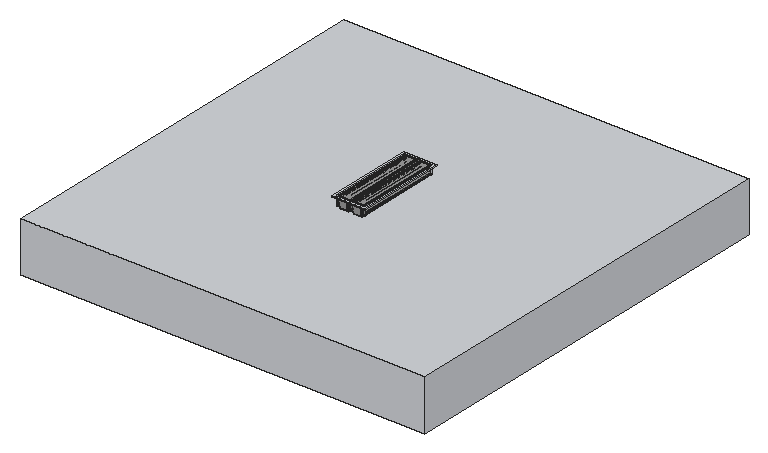
Revit family "L-industry NEW 48 АЗС", category Осветительные приборы, Revit 2017 (continued)
Types (2, lengths in mm): name | built-in parameter 1150134 | Файл фотометрической сетки | built-in parameter 1150142 | built-in parameter 1150107 | Артикул
  L-industry NEW 48 АЗС 4.0K Г60 | 12 | "L-industry NEW AZS 48-46-G60-4.0K-01.ies" | "IESNA:LM-63-1995\r\n[TEST]LEDEL\r\n[DATA]27.11.2018\r\n[MANUFAC]LEDEL\r\n[LUMCAT]L-industry NEW АЗС 48/46/Г60/4.0K/01\r\n[LUMINAIRE]Для освещения  промышленных объектов, складов, рекламных щитов, вывесок, декоративной подсветки  \r\n[MORE]\r\n[LAMPCAT]LED \r\n[LAMP]OSRAM OSLON \r\nTILT=NONE\r\n\r\n1 6127 3.7612031921424 37 19 1 2 0.564 0.22 0.109\r\n\r\n1 1 46\r\n\r\n0 2.5 5 7.5 10 12.5 15 17.5 20 22.5 25 27.5 30 32.5 35 37.5 40 42.5 45 47.5\r\n 50 52.5 55 57.5 60 62.5 65 67.5 70 72.5 75 77.5 80 82.5 85 87.5 90\r\n\r\n  0 5 10 15 20 25 30 35 40 45 50 55 60 65 70 75\r\n  80 85 90\r\n\r\n  1955 1942 1893 1816 1739 1659 1569 1473 1364 1237 1101 947 788 636 502\r\n  383 290 222 174 136 110 87 69 58 46 38 31 23 20 14\r\n  11 6 1 2 1 1 1\r\n  1954 1939 1889 1813 1734 1651 1563 1461 1347 1225 1085 931 770 620 483\r\n  368 280 216 168 135 109 88 72 60 50 39 33 25 20 15\r\n  11 6 3 2 1 1 1\r\n  1955 1936 1881 1808 1731 1653 1561 1457 1345 1224 1084 931 776 623 488\r\n  370 281 216 169 135 109 87 71 59 47 39 33 26 20 15\r\n  11 6 3 1 1 1 1\r\n  1953 1940 1890 1822 1751 1671 1574 1464 1345 1220 1082 927 773 628 491\r\n  378 288 220 168 131 104 84 69 58 47 37 31 25 20 15\r\n  11 6 3 2 1 1 1\r\n  1955 1940 1891 1825 1760 1686 1590 1478 1356 1230 1089 938 784 638 502\r\n  387 296 226 173 134 107 87 69 59 47 41 31 25 20 15\r\n  12 9 5 2 1 1 1\r\n  1955 1931 1881 1817 1755 1684 1583 1469 1338 1196 1045 892 743 605 480\r\n  372 288 222 173 136 110 88 72 59 49 39 33 27 21 15\r\n  11 9 5 3 1 2 1\r\n  1953 1931 1882 1818 1759 1687 1586 1465 1331 1185 1030 876 730 597 473\r\n  364 278 214 166 133 108 88 71 58 47 38 31 25 19 15\r\n  11 7 5 3 2 1 1\r\n  1954 1935 1890 1829 1769 1695 1593 1473 1336 1191 1032 869 718 580 454\r\n  347 268 208 162 129 107 87 69 59 47 39 33 26 20 14\r\n  11 6 5 2 2 1 1\r\n  1952 1928 1881 1822 1762 1683 1578 1455 1320 1176 1018 851 693 551 429\r\n  331 255 197 157 128 103 85 69 58 47 41 31 26 20 15\r\n  12 9 5 2 1 2 1\r\n  1952 1923 1871 1812 1755 1671 1560 1436 1309 1169 1017 855 702 564 440\r\n  336 258 198 157 126 102 83 68 58 45 37 31 27 20 15\r\n  11 9 5 3 2 2 1\r\n  1952 1936 1870 1781 1693 1613 1523 1409 1288 1163 1029 886 742 607 485\r\n  375 290 224 176 140 115 95 78 67 56 47 42 32 27 21\r\n  18 12 8 5 3 3 2\r\n  1954 1929 1860 1770 1684 1604 1514 1403 1282 1162 1027 885 743 609 485\r\n  375 288 226 177 141 116 95 79 67 55 45 39 34 24 20\r\n  15 12 8 5 3 3 3\r\n  1953 1932 1867 1777 1689 1606 1519 1412 1291 1169 1039 902 759 620 497\r\n  388 299 231 181 143 117 96 78 66 54 45 37 30 25 20\r\n  14 12 8 5 3 2 2\r\n  1955 1932 1868 1779 1693 1613 1522 1417 1298 1176 1044 902 759 624 499\r\n  387 298 230 179 142 116 95 77 64 53 46 37 30 25 21\r\n  15 11 9 5 3 2 1\r\n  1955 1925 1857 1769 1684 1602 1505 1398 1279 1155 1020 870 720 580 457\r\n  351 272 214 167 134 109 89 75 62 52 43 36 29 25 19\r\n  14 12 8 5 3 3 2\r\n  1953 1923 1856 1767 1685 1603 1509 1400 1285 1167 1034 884 733 593 465\r\n  359 277 215 168 134 109 89 75 62 53 44 37 30 25 18\r\n  14 11 8 3 3 2 3\r\n  1955 1931 1868 1783 1698 1613 1515 1404 1286 1163 1022 871 720 584 460\r\n  355 274 213 166 133 108 89 72 62 53 43 36 29 24 20\r\n  14 11 6 3 3 2 3\r\n  1954 1924 1855 1773 1689 1603 1508 1402 1288 1164 1027 877 726 585 461\r\n  354 272 210 164 130 108 88 72 61 49 41 35 28 22 18\r\n  13 9 4 2 3 2 2\r\n  1955 1925 1865 1786 1706 1622 1524 1414 1298 1171 1030 875 722 583 458\r\n  353 273 211 165 133 108 87 72 61 51 42 34 28 22 19\r\n  14 11 5 3 3 2 2\r\n\r" | 4000 (stored number, unit not read) | "512305406741400"
  L-industry NEW 48 АЗС 5.0K Г60 | 2 | "L-industry NEW AZS 48-46-G60-5.0K-01.ies" | "IESNA:LM-63-1995\r\n[TEST]LEDEL\r\n[DATA]27.11.2018\r\n[MANUFAC]LEDEL\r\n[LUMCAT]L-industry NEW АЗС 48/46/Г60/5.0K/01\r\n[LUMINAIRE]Для освещения  промышленных объектов, складов, рекламных щитов, вывесок, декоративной подсветки  \r\n[MORE]\r\n[LAMPCAT]LED \r\n[LAMP]OSRAM OSLON \r\nTILT=NONE\r\n\r\n1 6127 3.7612031921424 37 19 1 2 0.564 0.22 0.109\r\n\r\n1 1 46\r\n\r\n0 2.5 5 7.5 10 12.5 15 17.5 20 22.5 25 27.5 30 32.5 35 37.5 40 42.5 45 47.5\r\n 50 52.5 55 57.5 60 62.5 65 67.5 70 72.5 75 77.5 80 82.5 85 87.5 90\r\n\r\n  0 5 10 15 20 25 30 35 40 45 50 55 60 65 70 75\r\n  80 85 90\r\n\r\n  1955 1942 1893 1816 1739 1659 1569 1473 1364 1237 1101 947 788 636 502\r\n  383 290 222 174 136 110 87 69 58 46 38 31 23 20 14\r\n  11 6 1 2 1 1 1\r\n  1954 1939 1889 1813 1734 1651 1563 1461 1347 1225 1085 931 770 620 483\r\n  368 280 216 168 135 109 88 72 60 50 39 33 25 20 15\r\n  11 6 3 2 1 1 1\r\n  1955 1936 1881 1808 1731 1653 1561 1457 1345 1224 1084 931 776 623 488\r\n  370 281 216 169 135 109 87 71 59 47 39 33 26 20 15\r\n  11 6 3 1 1 1 1\r\n  1953 1940 1890 1822 1751 1671 1574 1464 1345 1220 1082 927 773 628 491\r\n  378 288 220 168 131 104 84 69 58 47 37 31 25 20 15\r\n  11 6 3 2 1 1 1\r\n  1955 1940 1891 1825 1760 1686 1590 1478 1356 1230 1089 938 784 638 502\r\n  387 296 226 173 134 107 87 69 59 47 41 31 25 20 15\r\n  12 9 5 2 1 1 1\r\n  1955 1931 1881 1817 1755 1684 1583 1469 1338 1196 1045 892 743 605 480\r\n  372 288 222 173 136 110 88 72 59 49 39 33 27 21 15\r\n  11 9 5 3 1 2 1\r\n  1953 1931 1882 1818 1759 1687 1586 1465 1331 1185 1030 876 730 597 473\r\n  364 278 214 166 133 108 88 71 58 47 38 31 25 19 15\r\n  11 7 5 3 2 1 1\r\n  1954 1935 1890 1829 1769 1695 1593 1473 1336 1191 1032 869 718 580 454\r\n  347 268 208 162 129 107 87 69 59 47 39 33 26 20 14\r\n  11 6 5 2 2 1 1\r\n  1952 1928 1881 1822 1762 1683 1578 1455 1320 1176 1018 851 693 551 429\r\n  331 255 197 157 128 103 85 69 58 47 41 31 26 20 15\r\n  12 9 5 2 1 2 1\r\n  1952 1923 1871 1812 1755 1671 1560 1436 1309 1169 1017 855 702 564 440\r\n  336 258 198 157 126 102 83 68 58 45 37 31 27 20 15\r\n  11 9 5 3 2 2 1\r\n  1952 1936 1870 1781 1693 1613 1523 1409 1288 1163 1029 886 742 607 485\r\n  375 290 224 176 140 115 95 78 67 56 47 42 32 27 21\r\n  18 12 8 5 3 3 2\r\n  1954 1929 1860 1770 1684 1604 1514 1403 1282 1162 1027 885 743 609 485\r\n  375 288 226 177 141 116 95 79 67 55 45 39 34 24 20\r\n  15 12 8 5 3 3 3\r\n  1953 1932 1867 1777 1689 1606 1519 1412 1291 1169 1039 902 759 620 497\r\n  388 299 231 181 143 117 96 78 66 54 45 37 30 25 20\r\n  14 12 8 5 3 2 2\r\n  1955 1932 1868 1779 1693 1613 1522 1417 1298 1176 1044 902 759 624 499\r\n  387 298 230 179 142 116 95 77 64 53 46 37 30 25 21\r\n  15 11 9 5 3 2 1\r\n  1955 1925 1857 1769 1684 1602 1505 1398 1279 1155 1020 870 720 580 457\r\n  351 272 214 167 134 109 89 75 62 52 43 36 29 25 19\r\n  14 12 8 5 3 3 2\r\n  1953 1923 1856 1767 1685 1603 1509 1400 1285 1167 1034 884 733 593 465\r\n  359 277 215 168 134 109 89 75 62 53 44 37 30 25 18\r\n  14 11 8 3 3 2 3\r\n  1955 1931 1868 1783 1698 1613 1515 1404 1286 1163 1022 871 720 584 460\r\n  355 274 213 166 133 108 89 72 62 53 43 36 29 24 20\r\n  14 11 6 3 3 2 3\r\n  1954 1924 1855 1773 1689 1603 1508 1402 1288 1164 1027 877 726 585 461\r\n  354 272 210 164 130 108 88 72 61 49 41 35 28 22 18\r\n  13 9 4 2 3 2 2\r\n  1955 1925 1865 1786 1706 1622 1524 1414 1298 1171 1030 875 722 583 458\r\n  353 273 211 165 133 108 87 72 61 51 42 34 28 22 19\r\n  14 11 5 3 3 2 2\r\n\r" | 5000 (stored number, unit not read) | "406000"
